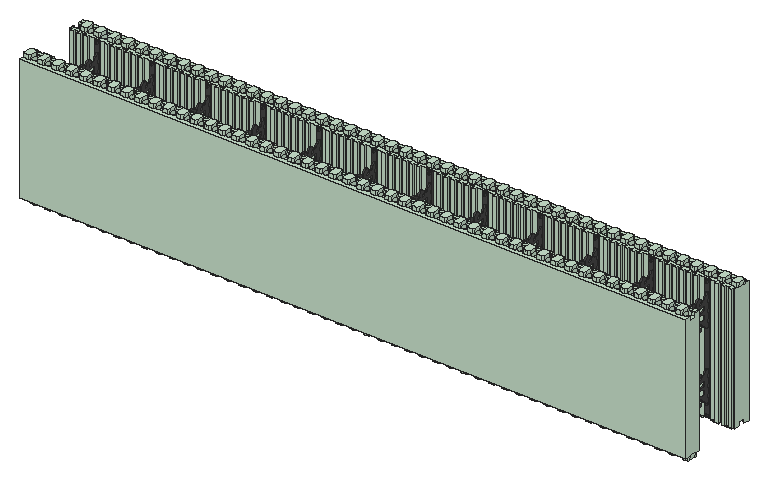
Revit family
Parameters (values of type "152 mm Standard Form Unit")
  URL = "www.nudura.com"
  Overall Form Thickness = 285.8 mm
  Model = "152 mm Standard Form Unit"
  Manufacturer = "NUDURA Corporation"
  Length = 2438.4 mm
  Concrete Core Thickness = 152.4 mm
Reference planes
  plane 1 "Center (Front/Back)": y = 0
  plane 2: z = 0
  plane 3 "Center (Left/Right)": x = 0
Forms (mm)
  Extrusion 1, solid, material "EPS- NUDURA- Foam Panel"
    sketch origin (0, 0.196, 0) x (1, 0, 0) y (0, 1, 0)
      loop
        line (7.142, 82.55) -> (5.558, 76.2) -> (19.842, 76.2) -> (18.258, 82.55) -> (32.542, 82.55) -> (30.958, 76.2) -> (45.242, 76.2) -> (43.658, 82.55) -> (57.942, 82.55) -> (56.358, 76.2) -> (70.642, 76.2) -> (69.058, 82.55) -> (134.142, 82.55) -> (132.558, 76.2) -> (146.842, 76.2) -> (145.258, 82.55) -> (159.542, 82.55) -> (157.958, 76.2) -> (172.242, 76.2) -> (170.658, 82.55) -> (184.942, 82.55) -> (183.358, 76.2) -> (197.642, 76.2) -> (196.058, 82.55) -> (210.342, 82.55) -> (208.758, 76.2) -> (223.042, 76.2) -> (221.458, 82.55) -> (235.742, 82.55) -> (234.158, 76.2) -> (248.442, 76.2) -> (246.858, 82.55) -> (261.142, 82.55) -> (259.558, 76.2) -> (273.842, 76.2) -> (272.258, 82.55) -> (337.342, 82.55) -> (335.758, 76.2) -> (350.042, 76.2) -> (348.458, 82.55) -> (362.742, 82.55) -> (361.158, 76.2) -> (375.442, 76.2) -> (373.858, 82.55) -> (388.142, 82.55) -> (386.558, 76.2) -> (400.842, 76.2) -> (399.258, 82.55) -> (413.542, 82.55) -> (411.958, 76.2) -> (426.242, 76.2) -> (424.658, 82.55) -> (438.942, 82.55) -> (437.358, 76.2) -> (451.642, 76.2) -> (450.058, 82.55) -> (464.342, 82.55) -> (462.758, 76.2) -> (477.042, 76.2) -> (475.458, 82.55) -> (540.542, 82.55) -> (538.958, 76.2) -> (553.242, 76.2) -> (551.658, 82.55) -> (565.942, 82.55) -> (564.358, 76.2) -> (578.642, 76.2) -> (577.058, 82.55) -> (591.342, 82.55) -> (589.758, 76.2) -> (604.042, 76.2) -> (602.458, 82.55) -> (616.742, 82.55) -> (615.158, 76.2) -> (629.442, 76.2) -> (627.858, 82.55) -> (642.142, 82.55) -> (640.558, 76.2) -> (654.842, 76.2) -> (653.258, 82.55) -> (667.542, 82.55) -> (665.958, 76.2) -> (680.242, 76.2) -> (678.658, 82.55) -> (743.742, 82.55) -> (742.158, 76.2) -> (756.442, 76.2) -> (754.858, 82.55) -> (769.142, 82.55) -> (767.558, 76.2) -> (781.842, 76.2) -> (780.258, 82.55) -> (794.542, 82.55) -> (792.958, 76.2) -> (807.242, 76.2) -> (805.658, 82.55) -> (819.942, 82.55) -> (818.358, 76.2) -> (832.642, 76.2) -> (831.058, 82.55) -> (845.342, 82.55) -> (843.758, 76.2) -> (858.042, 76.2) -> (856.458, 82.55) -> (870.742, 82.55) -> (869.158, 76.2) -> (883.442, 76.2) -> (881.858, 82.55) -> (946.942, 82.55) -> (945.358, 76.2) -> (959.642, 76.2) -> (958.058, 82.55) -> (972.342, 82.55) -> (970.758, 76.2) -> (985.042, 76.2) -> (983.458, 82.55) -> (997.742, 82.55) -> (996.158, 76.2) -> (1010.442, 76.2) -> (1008.858, 82.55) -> (1023.142, 82.55) -> (1021.558, 76.2) -> (1035.842, 76.2) -> (1034.258, 82.55) -> (1048.542, 82.55) -> (1046.958, 76.2) -> (1061.242, 76.2) -> (1059.658, 82.55) -> (1073.942, 82.55) -> (1072.358, 76.2) -> (1086.642, 76.2) -> (1085.058, 82.55) -> (1150.142, 82.55) -> (1148.558, 76.2) -> (1162.842, 76.2) -> (1161.258, 82.55) -> (1175.542, 82.55) -> (1173.958, 76.2) -> (1188.242, 76.2) -> (1186.658, 82.55) -> (1200.942, 82.55) -> (1199.358, 76.2) -> (1213.642, 76.2) -> (1212.058, 82.55) -> (1226.342, 82.55) -> (1224.758, 76.2) -> (1239.042, 76.2) -> (1237.458, 82.55) -> (1251.742, 82.55) -> (1250.158, 76.2) -> (1264.442, 76.2) -> (1262.858, 82.55) -> (1277.142, 82.55) -> (1275.558, 76.2) -> (1289.842, 76.2) -> (1288.258, 82.55) -> (1353.342, 82.55) -> (1351.758, 76.2) -> (1366.042, 76.2) -> (1364.458, 82.55) -> (1378.742, 82.55) -> (1377.158, 76.2) -> (1391.442, 76.2) -> (1389.858, 82.55) -> (1404.142, 82.55) -> (1402.558, 76.2) -> (1416.842, 76.2) -> (1415.258, 82.55) -> (1429.542, 82.55) -> (1427.958, 76.2) -> (1442.242, 76.2) -> (1440.658, 82.55) -> (1454.942, 82.55) -> (1453.358, 76.2) -> (1467.642, 76.2) -> (1466.058, 82.55) -> (1480.342, 82.55) -> (1478.758, 76.2) -> (1493.042, 76.2) -> (1491.458, 82.55) -> (1556.542, 82.55) -> (1554.958, 76.2) -> (1569.242, 76.2) -> (1567.658, 82.55) -> (1581.942, 82.55) -> (1580.358, 76.2) -> (1594.642, 76.2) -> (1593.058, 82.55) -> (1607.342, 82.55) -> (1605.758, 76.2) -> (1620.042, 76.2) -> (1618.458, 82.55) -> (1632.742, 82.55) -> (1631.158, 76.2) -> (1645.442, 76.2) -> (1643.858, 82.55) -> (1658.142, 82.55) -> (1656.558, 76.2) -> (1670.842, 76.2) -> (1669.258, 82.55) -> (1683.542, 82.55) -> (1681.958, 76.2) -> (1696.242, 76.2) -> (1694.658, 82.55) -> (1759.742, 82.55) -> (1758.158, 76.2) -> (1772.442, 76.2) -> (1770.858, 82.55) -> (1785.142, 82.55) -> (1783.558, 76.2) -> (1797.842, 76.2) -> (1796.258, 82.55) -> (1810.542, 82.55) -> (1808.958, 76.2) -> (1823.242, 76.2) -> (1821.658, 82.55) -> (1835.942, 82.55) -> (1834.358, 76.2) -> (1848.642, 76.2) -> (1847.058, 82.55) -> (1861.342, 82.55) -> (1859.758, 76.2) -> (1874.042, 76.2) -> (1872.458, 82.55) -> (1886.742, 82.55) -> (1885.158, 76.2) -> (1899.442, 76.2) -> (1897.858, 82.55) -> (1962.942, 82.55) -> (1961.358, 76.2) -> (1975.642, 76.2) -> (1974.058, 82.55) -> (1988.342, 82.55) -> (1986.758, 76.2) -> (2001.042, 76.2) -> (1999.458, 82.55) -> (2013.742, 82.55) -> (2012.158, 76.2) -> (2026.442, 76.2) -> (2024.858, 82.55) -> (2039.142, 82.55) -> (2037.558, 76.2) -> (2051.842, 76.2) -> (2050.258, 82.55) -> (2064.542, 82.55) -> (2062.958, 76.2) -> (2077.242, 76.2) -> (2075.658, 82.55) -> (2089.942, 82.55) -> (2088.358, 76.2) -> (2102.642, 76.2) -> (2101.058, 82.55) -> (2166.142, 82.55) -> (2164.558, 76.2) -> (2178.842, 76.2) -> (2177.258, 82.55) -> (2191.542, 82.55) -> (2189.958, 76.2) -> (2204.242, 76.2) -> (2202.658, 82.55) -> (2216.942, 82.55) -> (2215.358, 76.2) -> (2229.642, 76.2) -> (2228.058, 82.55) -> (2242.342, 82.55) -> (2240.758, 76.2) -> (2255.042, 76.2) -> (2253.458, 82.55) -> (2267.742, 82.55) -> (2266.158, 76.2) -> (2280.442, 76.2) -> (2278.858, 82.55) -> (2293.142, 82.55) -> (2291.558, 76.2) -> (2305.842, 76.2) -> (2304.258, 82.55) -> (2369.342, 82.55) -> (2367.758, 76.2) -> (2382.042, 76.2) -> (2380.458, 82.55) -> (2394.742, 82.55) -> (2393.158, 76.2) -> (2407.442, 76.2) -> (2405.858, 82.55) -> (2420.142, 82.55) -> (2418.558, 76.2) -> (2432.842, 76.2) -> (2431.258, 82.55) -> (2438.4, 82.55) -> (2438.4, 142.875) -> (0, 142.875) -> (0, 82.55) -> (7.142, 82.55)
      loop
        line (7.142, -82.55) -> (0, -82.55) -> (0, -142.875) -> (2438.4, -142.875) -> (2438.4, -82.55) -> (2431.258, -82.55) -> (2432.842, -76.2) -> (2418.558, -76.2) -> (2420.142, -82.55) -> (2405.858, -82.55) -> (2407.442, -76.2) -> (2393.158, -76.2) -> (2394.742, -82.55) -> (2380.458, -82.55) -> (2382.042, -76.2) -> (2367.758, -76.2) -> (2369.342, -82.55) -> (2304.258, -82.55) -> (2305.842, -76.2) -> (2291.558, -76.2) -> (2293.142, -82.55) -> (2278.858, -82.55) -> (2280.442, -76.2) -> (2266.158, -76.2) -> (2267.742, -82.55) -> (2253.458, -82.55) -> (2255.042, -76.2) -> (2240.758, -76.2) -> (2242.342, -82.55) -> (2228.058, -82.55) -> (2229.642, -76.2) -> (2215.358, -76.2) -> (2216.942, -82.55) -> (2202.658, -82.55) -> (2204.242, -76.2) -> (2189.958, -76.2) -> (2191.542, -82.55) -> (2177.258, -82.55) -> (2178.842, -76.2) -> (2164.558, -76.2) -> (2166.142, -82.55) -> (2101.058, -82.55) -> (2102.642, -76.2) -> (2088.358, -76.2) -> (2089.942, -82.55) -> (2075.658, -82.55) -> (2077.242, -76.2) -> (2062.958, -76.2) -> (2064.542, -82.55) -> (2050.258, -82.55) -> (2051.842, -76.2) -> (2037.558, -76.2) -> (2039.142, -82.55) -> (2024.858, -82.55) -> (2026.442, -76.2) -> (2012.158, -76.2) -> (2013.742, -82.55) -> (1999.458, -82.55) -> (2001.042, -76.2) -> (1986.758, -76.2) -> (1988.342, -82.55) -> (1974.058, -82.55) -> (1975.642, -76.2) -> (1961.358, -76.2) -> (1962.942, -82.55) -> (1897.858, -82.55) -> (1899.442, -76.2) -> (1885.158, -76.2) -> (1886.742, -82.55) -> (1872.458, -82.55) -> (1874.042, -76.2) -> (1859.758, -76.2) -> (1861.342, -82.55) -> (1847.058, -82.55) -> (1848.642, -76.2) -> (1834.358, -76.2) -> (1835.942, -82.55) -> (1821.658, -82.55) -> (1823.242, -76.2) -> (1808.958, -76.2) -> (1810.542, -82.55) -> (1796.258, -82.55) -> (1797.842, -76.2) -> (1783.558, -76.2) -> (1785.142, -82.55) -> (1770.858, -82.55) -> (1772.442, -76.2) -> (1758.158, -76.2) -> (1759.742, -82.55) -> (1694.658, -82.55) -> (1696.242, -76.2) -> (1681.958, -76.2) -> (1683.542, -82.55) -> (1669.258, -82.55) -> (1670.842, -76.2) -> (1656.558, -76.2) -> (1658.142, -82.55) -> (1643.858, -82.55) -> (1645.442, -76.2) -> (1631.158, -76.2) -> (1632.742, -82.55) -> (1618.458, -82.55) -> (1620.042, -76.2) -> (1605.758, -76.2) -> (1607.342, -82.55) -> (1593.058, -82.55) -> (1594.642, -76.2) -> (1580.358, -76.2) -> (1581.942, -82.55) -> (1567.658, -82.55) -> (1569.242, -76.2) -> (1554.958, -76.2) -> (1556.542, -82.55) -> (1491.458, -82.55) -> (1493.042, -76.2) -> (1478.758, -76.2) -> (1480.342, -82.55) -> (1466.058, -82.55) -> (1467.642, -76.2) -> (1453.358, -76.2) -> (1454.942, -82.55) -> (1440.658, -82.55) -> (1442.242, -76.2) -> (1427.958, -76.2) -> (1429.542, -82.55) -> (1415.258, -82.55) -> (1416.842, -76.2) -> (1402.558, -76.2) -> (1404.142, -82.55) -> (1389.858, -82.55) -> (1391.442, -76.2) -> (1377.158, -76.2) -> (1378.742, -82.55) -> (1364.458, -82.55) -> (1366.042, -76.2) -> (1351.758, -76.2) -> (1353.342, -82.55) -> (1288.258, -82.55) -> (1289.842, -76.2) -> (1275.558, -76.2) -> (1277.142, -82.55) -> (1262.858, -82.55) -> (1264.442, -76.2) -> (1250.158, -76.2) -> (1251.742, -82.55) -> (1237.458, -82.55) -> (1239.042, -76.2) -> (1224.758, -76.2) -> (1226.342, -82.55) -> (1212.058, -82.55) -> (1213.642, -76.2) -> (1199.358, -76.2) -> (1200.942, -82.55) -> (1186.658, -82.55) -> (1188.242, -76.2) -> (1173.958, -76.2) -> (1175.542, -82.55) -> (1161.258, -82.55) -> (1162.842, -76.2) -> (1148.558, -76.2) -> (1150.142, -82.55) -> (1085.058, -82.55) -> (1086.642, -76.2) -> (1072.358, -76.2) -> (1073.942, -82.55) -> (1059.658, -82.55) -> (1061.242, -76.2) -> (1046.958, -76.2) -> (1048.542, -82.55) -> (1034.258, -82.55) -> (1035.842, -76.2) -> (1021.558, -76.2) -> (1023.142, -82.55) -> (1008.858, -82.55) -> (1010.442, -76.2) -> (996.158, -76.2) -> (997.742, -82.55) -> (983.458, -82.55) -> (985.042, -76.2) -> (970.758, -76.2) -> (972.342, -82.55) -> (958.058, -82.55) -> (959.642, -76.2) -> (945.358, -76.2) -> (946.942, -82.55) -> (881.858, -82.55) -> (883.442, -76.2) -> (869.158, -76.2) -> (870.742, -82.55) -> (856.458, -82.55) -> (858.042, -76.2) -> (843.758, -76.2) -> (845.342, -82.55) -> (831.058, -82.55) -> (832.642, -76.2) -> (818.358, -76.2) -> (819.942, -82.55) -> (805.658, -82.55) -> (807.242, -76.2) -> (792.958, -76.2) -> (794.542, -82.55) -> (780.258, -82.55) -> (781.842, -76.2) -> (767.558, -76.2) -> (769.142, -82.55) -> (754.858, -82.55) -> (756.442, -76.2) -> (742.158, -76.2) -> (743.742, -82.55) -> (678.658, -82.55) -> (680.242, -76.2) -> (665.958, -76.2) -> (667.542, -82.55) -> (653.258, -82.55) -> (654.842, -76.2) -> (640.558, -76.2) -> (642.142, -82.55) -> (627.858, -82.55) -> (629.442, -76.2) -> (615.158, -76.2) -> (616.742, -82.55) -> (602.458, -82.55) -> (604.042, -76.2) -> (589.758, -76.2) -> (591.342, -82.55) -> (577.058, -82.55) -> (578.642, -76.2) -> (564.358, -76.2) -> (565.942, -82.55) -> (551.658, -82.55) -> (553.242, -76.2) -> (538.958, -76.2) -> (540.542, -82.55) -> (475.458, -82.55) -> (477.042, -76.2) -> (462.758, -76.2) -> (464.342, -82.55) -> (450.058, -82.55) -> (451.642, -76.2) -> (437.358, -76.2) -> (438.942, -82.55) -> (424.658, -82.55) -> (426.242, -76.2) -> (411.958, -76.2) -> (413.542, -82.55) -> (399.258, -82.55) -> (400.842, -76.2) -> (386.558, -76.2) -> (388.142, -82.55) -> (373.858, -82.55) -> (375.442, -76.2) -> (361.158, -76.2) -> (362.742, -82.55) -> (348.458, -82.55) -> (350.042, -76.2) -> (335.758, -76.2) -> (337.342, -82.55) -> (272.258, -82.55) -> (273.842, -76.2) -> (259.558, -76.2) -> (261.142, -82.55) -> (246.858, -82.55) -> (248.442, -76.2) -> (234.158, -76.2) -> (235.742, -82.55) -> (221.458, -82.55) -> (223.042, -76.2) -> (208.758, -76.2) -> (210.342, -82.55) -> (196.058, -82.55) -> (197.642, -76.2) -> (183.358, -76.2) -> (184.942, -82.55) -> (170.658, -82.55) -> (172.242, -76.2) -> (157.958, -76.2) -> (159.542, -82.55) -> (145.258, -82.55) -> (146.842, -76.2) -> (132.558, -76.2) -> (134.142, -82.55) -> (69.058, -82.55) -> (70.642, -76.2) -> (56.358, -76.2) -> (57.942, -82.55) -> (43.658, -82.55) -> (45.242, -76.2) -> (30.958, -76.2) -> (32.542, -82.55) -> (18.258, -82.55) -> (19.842, -76.2) -> (5.558, -76.2) -> (7.142, -82.55)
    from 0 to 457.2
  Extrusion 2, void
    sketch origin (0, 0.196, 0) x (1, 0, 0) y (0, 1, 0)
      loop
        arc (25.4, -124.411) -> (26.615, -128.147) -> (29.796, -130.453) r 6.35
        arc (29.796, -130.453) -> (38.1, -131.763) -> (46.404, -130.453) r 26.987
        arc (46.404, -130.453) -> (49.585, -128.147) -> (50.8, -124.411) r 6.35
        line (50.8, -124.411) -> (50.8, -101.014)
        arc (50.8, -101.014) -> (50.362, -98.696) -> (49.108, -96.698) r 6.35
        arc (49.108, -96.698) -> (48.795, -96.199) -> (48.685, -95.62) r 1.588
        line (48.685, -95.62) -> (48.685, -86.829) -> (44.346, -86.829) -> (44.346, -92.457)
        arc (44.346, -92.457) -> (43.786, -93.668) -> (42.5, -94.024) r 1.587
        arc (42.5, -94.024) -> (36.091, -93.737) -> (29.796, -94.972) r 26.988
        arc (29.796, -94.972) -> (26.615, -97.278) -> (25.4, -101.014) r 6.35
        line (25.4, -101.014) -> (25.4, -124.411)
    from 457.2 to 444.5
  Extrusion 3, void
    sketch origin (50.8, 0.196, 0) x (1, 0, 0) y (0, 1, 0)
      loop
        arc (25.4, -124.411) -> (26.615, -128.147) -> (29.796, -130.453) r 6.35
        arc (29.796, -130.453) -> (38.1, -131.763) -> (46.404, -130.453) r 26.987
        arc (46.404, -130.453) -> (49.585, -128.147) -> (50.8, -124.411) r 6.35
        line (50.8, -124.411) -> (50.8, -101.014)
        arc (50.8, -101.014) -> (50.362, -98.696) -> (49.108, -96.698) r 6.35
        arc (49.108, -96.698) -> (48.795, -96.199) -> (48.685, -95.62) r 1.588
        line (48.685, -95.62) -> (48.685, -86.829) -> (44.346, -86.829) -> (44.346, -92.457)
        arc (44.346, -92.457) -> (43.786, -93.668) -> (42.5, -94.024) r 1.587
        arc (42.5, -94.024) -> (36.091, -93.737) -> (29.796, -94.972) r 26.988
        arc (29.796, -94.972) -> (26.615, -97.278) -> (25.4, -101.014) r 6.35
        line (25.4, -101.014) -> (25.4, -124.411)
    from 457.2 to 444.5
  Extrusion 4, void
    sketch origin (101.6, 0.196, 0) x (1, 0, 0) y (0, 1, 0)
      loop
        arc (25.4, -124.411) -> (26.615, -128.147) -> (29.796, -130.453) r 6.35
        arc (29.796, -130.453) -> (38.1, -131.763) -> (46.404, -130.453) r 26.987
        arc (46.404, -130.453) -> (49.585, -128.147) -> (50.8, -124.411) r 6.35
        line (50.8, -124.411) -> (50.8, -101.014)
        arc (50.8, -101.014) -> (50.362, -98.696) -> (49.108, -96.698) r 6.35
        arc (49.108, -96.698) -> (48.795, -96.199) -> (48.685, -95.62) r 1.588
        line (48.685, -95.62) -> (48.685, -86.829) -> (44.346, -86.829) -> (44.346, -92.457)
        arc (44.346, -92.457) -> (43.786, -93.668) -> (42.5, -94.024) r 1.587
        arc (42.5, -94.024) -> (36.091, -93.737) -> (29.796, -94.972) r 26.988
        arc (29.796, -94.972) -> (26.615, -97.278) -> (25.4, -101.014) r 6.35
        line (25.4, -101.014) -> (25.4, -124.411)
    from 457.2 to 444.5
  Extrusion 5, void
    sketch origin (152.4, 0.196, 0) x (1, 0, 0) y (0, 1, 0)
      loop
        arc (25.4, -124.411) -> (26.615, -128.147) -> (29.796, -130.453) r 6.35
        arc (29.796, -130.453) -> (38.1, -131.763) -> (46.404, -130.453) r 26.987
        arc (46.404, -130.453) -> (49.585, -128.147) -> (50.8, -124.411) r 6.35
        line (50.8, -124.411) -> (50.8, -101.014)
        arc (50.8, -101.014) -> (50.362, -98.696) -> (49.108, -96.698) r 6.35
        arc (49.108, -96.698) -> (48.795, -96.199) -> (48.685, -95.62) r 1.588
        line (48.685, -95.62) -> (48.685, -86.829) -> (44.346, -86.829) -> (44.346, -92.457)
        arc (44.346, -92.457) -> (43.786, -93.668) -> (42.5, -94.024) r 1.587
        arc (42.5, -94.024) -> (36.091, -93.737) -> (29.796, -94.972) r 26.988
        arc (29.796, -94.972) -> (26.615, -97.278) -> (25.4, -101.014) r 6.35
        line (25.4, -101.014) -> (25.4, -124.411)
    from 457.2 to 444.5
  Extrusion 6, void
    sketch origin (203.2, 0.196, 0) x (1, 0, 0) y (0, 1, 0)
      loop
        arc (25.4, -124.411) -> (26.615, -128.147) -> (29.796, -130.453) r 6.35
        arc (29.796, -130.453) -> (38.1, -131.763) -> (46.404, -130.453) r 26.987
        arc (46.404, -130.453) -> (49.585, -128.147) -> (50.8, -124.411) r 6.35
        line (50.8, -124.411) -> (50.8, -101.014)
        arc (50.8, -101.014) -> (50.362, -98.696) -> (49.108, -96.698) r 6.35
        arc (49.108, -96.698) -> (48.795, -96.199) -> (48.685, -95.62) r 1.588
        line (48.685, -95.62) -> (48.685, -86.829) -> (44.346, -86.829) -> (44.346, -92.457)
        arc (44.346, -92.457) -> (43.786, -93.668) -> (42.5, -94.024) r 1.587
        arc (42.5, -94.024) -> (36.091, -93.737) -> (29.796, -94.972) r 26.988
        arc (29.796, -94.972) -> (26.615, -97.278) -> (25.4, -101.014) r 6.35
        line (25.4, -101.014) -> (25.4, -124.411)
    from 457.2 to 444.5
  Extrusion 7, void
    sketch origin (254, 0.196, 0) x (1, 0, 0) y (0, 1, 0)
      loop
        arc (25.4, -124.411) -> (26.615, -128.147) -> (29.796, -130.453) r 6.35
        arc (29.796, -130.453) -> (38.1, -131.763) -> (46.404, -130.453) r 26.987
        arc (46.404, -130.453) -> (49.585, -128.147) -> (50.8, -124.411) r 6.35
        line (50.8, -124.411) -> (50.8, -101.014)
        arc (50.8, -101.014) -> (50.362, -98.696) -> (49.108, -96.698) r 6.35
        arc (49.108, -96.698) -> (48.795, -96.199) -> (48.685, -95.62) r 1.588
        line (48.685, -95.62) -> (48.685, -86.829) -> (44.346, -86.829) -> (44.346, -92.457)
        arc (44.346, -92.457) -> (43.786, -93.668) -> (42.5, -94.024) r 1.587
        arc (42.5, -94.024) -> (36.091, -93.737) -> (29.796, -94.972) r 26.988
        arc (29.796, -94.972) -> (26.615, -97.278) -> (25.4, -101.014) r 6.35
        line (25.4, -101.014) -> (25.4, -124.411)
    from 457.2 to 444.5
  Extrusion 8, void
    sketch origin (304.8, 0.196, 0) x (1, 0, 0) y (0, 1, 0)
      loop
        arc (25.4, -124.411) -> (26.615, -128.147) -> (29.796, -130.453) r 6.35
        arc (29.796, -130.453) -> (38.1, -131.763) -> (46.404, -130.453) r 26.987
        arc (46.404, -130.453) -> (49.585, -128.147) -> (50.8, -124.411) r 6.35
        line (50.8, -124.411) -> (50.8, -101.014)
        arc (50.8, -101.014) -> (50.362, -98.696) -> (49.108, -96.698) r 6.35
        arc (49.108, -96.698) -> (48.795, -96.199) -> (48.685, -95.62) r 1.588
        line (48.685, -95.62) -> (48.685, -86.829) -> (44.346, -86.829) -> (44.346, -92.457)
        arc (44.346, -92.457) -> (43.786, -93.668) -> (42.5, -94.024) r 1.587
        arc (42.5, -94.024) -> (36.091, -93.737) -> (29.796, -94.972) r 26.988
        arc (29.796, -94.972) -> (26.615, -97.278) -> (25.4, -101.014) r 6.35
        line (25.4, -101.014) -> (25.4, -124.411)
    from 457.2 to 444.5
  Extrusion 9, void
    sketch origin (355.6, 0.196, 0) x (1, 0, 0) y (0, 1, 0)
      loop
        arc (25.4, -124.411) -> (26.615, -128.147) -> (29.796, -130.453) r 6.35
        arc (29.796, -130.453) -> (38.1, -131.763) -> (46.404, -130.453) r 26.987
        arc (46.404, -130.453) -> (49.585, -128.147) -> (50.8, -124.411) r 6.35
        line (50.8, -124.411) -> (50.8, -101.014)
        arc (50.8, -101.014) -> (50.362, -98.696) -> (49.108, -96.698) r 6.35
        arc (49.108, -96.698) -> (48.795, -96.199) -> (48.685, -95.62) r 1.588
        line (48.685, -95.62) -> (48.685, -86.829) -> (44.346, -86.829) -> (44.346, -92.457)
        arc (44.346, -92.457) -> (43.786, -93.668) -> (42.5, -94.024) r 1.587
        arc (42.5, -94.024) -> (36.091, -93.737) -> (29.796, -94.972) r 26.988
        arc (29.796, -94.972) -> (26.615, -97.278) -> (25.4, -101.014) r 6.35
        line (25.4, -101.014) -> (25.4, -124.411)
    from 457.2 to 444.5
  Extrusion 10, void
    sketch origin (406.4, 0.196, 0) x (1, 0, 0) y (0, 1, 0)
      loop
        arc (25.4, -124.411) -> (26.615, -128.147) -> (29.796, -130.453) r 6.35
        arc (29.796, -130.453) -> (38.1, -131.763) -> (46.404, -130.453) r 26.987
        arc (46.404, -130.453) -> (49.585, -128.147) -> (50.8, -124.411) r 6.35
        line (50.8, -124.411) -> (50.8, -101.014)
        arc (50.8, -101.014) -> (50.362, -98.696) -> (49.108, -96.698) r 6.35
        arc (49.108, -96.698) -> (48.795, -96.199) -> (48.685, -95.62) r 1.588
        line (48.685, -95.62) -> (48.685, -86.829) -> (44.346, -86.829) -> (44.346, -92.457)
        arc (44.346, -92.457) -> (43.786, -93.668) -> (42.5, -94.024) r 1.587
        arc (42.5, -94.024) -> (36.091, -93.737) -> (29.796, -94.972) r 26.988
        arc (29.796, -94.972) -> (26.615, -97.278) -> (25.4, -101.014) r 6.35
        line (25.4, -101.014) -> (25.4, -124.411)
    from 457.2 to 444.5
  Extrusion 11, void
    sketch origin (457.2, 0.196, 0) x (1, 0, 0) y (0, 1, 0)
      loop
        arc (25.4, -124.411) -> (26.615, -128.147) -> (29.796, -130.453) r 6.35
        arc (29.796, -130.453) -> (38.1, -131.763) -> (46.404, -130.453) r 26.987
        arc (46.404, -130.453) -> (49.585, -128.147) -> (50.8, -124.411) r 6.35
        line (50.8, -124.411) -> (50.8, -101.014)
        arc (50.8, -101.014) -> (50.362, -98.696) -> (49.108, -96.698) r 6.35
        arc (49.108, -96.698) -> (48.795, -96.199) -> (48.685, -95.62) r 1.588
        line (48.685, -95.62) -> (48.685, -86.829) -> (44.346, -86.829) -> (44.346, -92.457)
        arc (44.346, -92.457) -> (43.786, -93.668) -> (42.5, -94.024) r 1.587
        arc (42.5, -94.024) -> (36.091, -93.737) -> (29.796, -94.972) r 26.988
        arc (29.796, -94.972) -> (26.615, -97.278) -> (25.4, -101.014) r 6.35
        line (25.4, -101.014) -> (25.4, -124.411)
    from 457.2 to 444.5
  Extrusion 12, void
    sketch origin (508, 0.196, 0) x (1, 0, 0) y (0, 1, 0)
      loop
        arc (25.4, -124.411) -> (26.615, -128.147) -> (29.796, -130.453) r 6.35
        arc (29.796, -130.453) -> (38.1, -131.763) -> (46.404, -130.453) r 26.987
        arc (46.404, -130.453) -> (49.585, -128.147) -> (50.8, -124.411) r 6.35
        line (50.8, -124.411) -> (50.8, -101.014)
        arc (50.8, -101.014) -> (50.362, -98.696) -> (49.108, -96.698) r 6.35
        arc (49.108, -96.698) -> (48.795, -96.199) -> (48.685, -95.62) r 1.588
        line (48.685, -95.62) -> (48.685, -86.829) -> (44.346, -86.829) -> (44.346, -92.457)
        arc (44.346, -92.457) -> (43.786, -93.668) -> (42.5, -94.024) r 1.587
        arc (42.5, -94.024) -> (36.091, -93.737) -> (29.796, -94.972) r 26.988
        arc (29.796, -94.972) -> (26.615, -97.278) -> (25.4, -101.014) r 6.35
        line (25.4, -101.014) -> (25.4, -124.411)
    from 457.2 to 444.5
  Extrusion 13, void
    sketch origin (558.8, 0.196, 0) x (1, 0, 0) y (0, 1, 0)
      loop
        arc (25.4, -124.411) -> (26.615, -128.147) -> (29.796, -130.453) r 6.35
        arc (29.796, -130.453) -> (38.1, -131.763) -> (46.404, -130.453) r 26.987
        arc (46.404, -130.453) -> (49.585, -128.147) -> (50.8, -124.411) r 6.35
        line (50.8, -124.411) -> (50.8, -101.014)
        arc (50.8, -101.014) -> (50.362, -98.696) -> (49.108, -96.698) r 6.35
        arc (49.108, -96.698) -> (48.795, -96.199) -> (48.685, -95.62) r 1.588
        line (48.685, -95.62) -> (48.685, -86.829) -> (44.346, -86.829) -> (44.346, -92.457)
        arc (44.346, -92.457) -> (43.786, -93.668) -> (42.5, -94.024) r 1.587
        arc (42.5, -94.024) -> (36.091, -93.737) -> (29.796, -94.972) r 26.988
        arc (29.796, -94.972) -> (26.615, -97.278) -> (25.4, -101.014) r 6.35
        line (25.4, -101.014) -> (25.4, -124.411)
    from 457.2 to 444.5
  Extrusion 14, void
    sketch origin (609.6, 0.196, 0) x (1, 0, 0) y (0, 1, 0)
      loop
        arc (25.4, -124.411) -> (26.615, -128.147) -> (29.796, -130.453) r 6.35
        arc (29.796, -130.453) -> (38.1, -131.763) -> (46.404, -130.453) r 26.987
        arc (46.404, -130.453) -> (49.585, -128.147) -> (50.8, -124.411) r 6.35
        line (50.8, -124.411) -> (50.8, -101.014)
        arc (50.8, -101.014) -> (50.362, -98.696) -> (49.108, -96.698) r 6.35
        arc (49.108, -96.698) -> (48.795, -96.199) -> (48.685, -95.62) r 1.588
        line (48.685, -95.62) -> (48.685, -86.829) -> (44.346, -86.829) -> (44.346, -92.457)
        arc (44.346, -92.457) -> (43.786, -93.668) -> (42.5, -94.024) r 1.587
        arc (42.5, -94.024) -> (36.091, -93.737) -> (29.796, -94.972) r 26.988
        arc (29.796, -94.972) -> (26.615, -97.278) -> (25.4, -101.014) r 6.35
        line (25.4, -101.014) -> (25.4, -124.411)
    from 457.2 to 444.5
  Extrusion 15, void
    sketch origin (660.4, 0.196, 0) x (1, 0, 0) y (0, 1, 0)
      loop
        arc (25.4, -124.411) -> (26.615, -128.147) -> (29.796, -130.453) r 6.35
        arc (29.796, -130.453) -> (38.1, -131.763) -> (46.404, -130.453) r 26.987
        arc (46.404, -130.453) -> (49.585, -128.147) -> (50.8, -124.411) r 6.35
        line (50.8, -124.411) -> (50.8, -101.014)
        arc (50.8, -101.014) -> (50.362, -98.696) -> (49.108, -96.698) r 6.35
        arc (49.108, -96.698) -> (48.795, -96.199) -> (48.685, -95.62) r 1.588
        line (48.685, -95.62) -> (48.685, -86.829) -> (44.346, -86.829) -> (44.346, -92.457)
        arc (44.346, -92.457) -> (43.786, -93.668) -> (42.5, -94.024) r 1.587
        arc (42.5, -94.024) -> (36.091, -93.737) -> (29.796, -94.972) r 26.988
        arc (29.796, -94.972) -> (26.615, -97.278) -> (25.4, -101.014) r 6.35
        line (25.4, -101.014) -> (25.4, -124.411)
    from 457.2 to 444.5
  Extrusion 16, void
    sketch origin (711.2, 0.196, 0) x (1, 0, 0) y (0, 1, 0)
      loop
        arc (25.4, -124.411) -> (26.615, -128.147) -> (29.796, -130.453) r 6.35
        arc (29.796, -130.453) -> (38.1, -131.763) -> (46.404, -130.453) r 26.987
        arc (46.404, -130.453) -> (49.585, -128.147) -> (50.8, -124.411) r 6.35
        line (50.8, -124.411) -> (50.8, -101.014)
        arc (50.8, -101.014) -> (50.362, -98.696) -> (49.108, -96.698) r 6.35
        arc (49.108, -96.698) -> (48.795, -96.199) -> (48.685, -95.62) r 1.588
        line (48.685, -95.62) -> (48.685, -86.829) -> (44.346, -86.829) -> (44.346, -92.457)
        arc (44.346, -92.457) -> (43.786, -93.668) -> (42.5, -94.024) r 1.587
        arc (42.5, -94.024) -> (36.091, -93.737) -> (29.796, -94.972) r 26.988
        arc (29.796, -94.972) -> (26.615, -97.278) -> (25.4, -101.014) r 6.35
        line (25.4, -101.014) -> (25.4, -124.411)
    from 457.2 to 444.5
  Extrusion 17, void
    sketch origin (762, 0.196, 0) x (1, 0, 0) y (0, 1, 0)
      loop
        arc (25.4, -124.411) -> (26.615, -128.147) -> (29.796, -130.453) r 6.35
        arc (29.796, -130.453) -> (38.1, -131.763) -> (46.404, -130.453) r 26.987
        arc (46.404, -130.453) -> (49.585, -128.147) -> (50.8, -124.411) r 6.35
        line (50.8, -124.411) -> (50.8, -101.014)
        arc (50.8, -101.014) -> (50.362, -98.696) -> (49.108, -96.698) r 6.35
        arc (49.108, -96.698) -> (48.795, -96.199) -> (48.685, -95.62) r 1.588
        line (48.685, -95.62) -> (48.685, -86.829) -> (44.346, -86.829) -> (44.346, -92.457)
        arc (44.346, -92.457) -> (43.786, -93.668) -> (42.5, -94.024) r 1.587
        arc (42.5, -94.024) -> (36.091, -93.737) -> (29.796, -94.972) r 26.988
        arc (29.796, -94.972) -> (26.615, -97.278) -> (25.4, -101.014) r 6.35
        line (25.4, -101.014) -> (25.4, -124.411)
    from 457.2 to 444.5
  Extrusion 18, void
    sketch origin (812.8, 0.196, 0) x (1, 0, 0) y (0, 1, 0)
      loop
        arc (25.4, -124.411) -> (26.615, -128.147) -> (29.796, -130.453) r 6.35
        arc (29.796, -130.453) -> (38.1, -131.763) -> (46.404, -130.453) r 26.987
        arc (46.404, -130.453) -> (49.585, -128.147) -> (50.8, -124.411) r 6.35
        line (50.8, -124.411) -> (50.8, -101.014)
        arc (50.8, -101.014) -> (50.362, -98.696) -> (49.108, -96.698) r 6.35
        arc (49.108, -96.698) -> (48.795, -96.199) -> (48.685, -95.62) r 1.588
        line (48.685, -95.62) -> (48.685, -86.829) -> (44.346, -86.829) -> (44.346, -92.457)
        arc (44.346, -92.457) -> (43.786, -93.668) -> (42.5, -94.024) r 1.587
        arc (42.5, -94.024) -> (36.091, -93.737) -> (29.796, -94.972) r 26.988
        arc (29.796, -94.972) -> (26.615, -97.278) -> (25.4, -101.014) r 6.35
        line (25.4, -101.014) -> (25.4, -124.411)
    from 457.2 to 444.5
  Extrusion 19, void
    sketch origin (863.6, 0.196, 0) x (1, 0, 0) y (0, 1, 0)
      loop
        arc (25.4, -124.411) -> (26.615, -128.147) -> (29.796, -130.453) r 6.35
        arc (29.796, -130.453) -> (38.1, -131.763) -> (46.404, -130.453) r 26.987
        arc (46.404, -130.453) -> (49.585, -128.147) -> (50.8, -124.411) r 6.35
        line (50.8, -124.411) -> (50.8, -101.014)
        arc (50.8, -101.014) -> (50.362, -98.696) -> (49.108, -96.698) r 6.35
        arc (49.108, -96.698) -> (48.795, -96.199) -> (48.685, -95.62) r 1.588
        line (48.685, -95.62) -> (48.685, -86.829) -> (44.346, -86.829) -> (44.346, -92.457)
        arc (44.346, -92.457) -> (43.786, -93.668) -> (42.5, -94.024) r 1.587
        arc (42.5, -94.024) -> (36.091, -93.737) -> (29.796, -94.972) r 26.988
        arc (29.796, -94.972) -> (26.615, -97.278) -> (25.4, -101.014) r 6.35
        line (25.4, -101.014) -> (25.4, -124.411)
    from 457.2 to 444.5
  Extrusion 20, void
    sketch origin (914.4, 0.196, 0) x (1, 0, 0) y (0, 1, 0)
      loop
        arc (25.4, -124.411) -> (26.615, -128.147) -> (29.796, -130.453) r 6.35
        arc (29.796, -130.453) -> (38.1, -131.763) -> (46.404, -130.453) r 26.987
        arc (46.404, -130.453) -> (49.585, -128.147) -> (50.8, -124.411) r 6.35
        line (50.8, -124.411) -> (50.8, -101.014)
        arc (50.8, -101.014) -> (50.362, -98.696) -> (49.108, -96.698) r 6.35
        arc (49.108, -96.698) -> (48.795, -96.199) -> (48.685, -95.62) r 1.588
        line (48.685, -95.62) -> (48.685, -86.829) -> (44.346, -86.829) -> (44.346, -92.457)
        arc (44.346, -92.457) -> (43.786, -93.668) -> (42.5, -94.024) r 1.587
        arc (42.5, -94.024) -> (36.091, -93.737) -> (29.796, -94.972) r 26.988
        arc (29.796, -94.972) -> (26.615, -97.278) -> (25.4, -101.014) r 6.35
        line (25.4, -101.014) -> (25.4, -124.411)
    from 457.2 to 444.5
  Extrusion 21, void
    sketch origin (965.2, 0.196, 0) x (1, 0, 0) y (0, 1, 0)
      loop
        arc (25.4, -124.411) -> (26.615, -128.147) -> (29.796, -130.453) r 6.35
        arc (29.796, -130.453) -> (38.1, -131.763) -> (46.404, -130.453) r 26.987
        arc (46.404, -130.453) -> (49.585, -128.147) -> (50.8, -124.411) r 6.35
        line (50.8, -124.411) -> (50.8, -101.014)
        arc (50.8, -101.014) -> (50.362, -98.696) -> (49.108, -96.698) r 6.35
        arc (49.108, -96.698) -> (48.795, -96.199) -> (48.685, -95.62) r 1.588
        line (48.685, -95.62) -> (48.685, -86.829) -> (44.346, -86.829) -> (44.346, -92.457)
        arc (44.346, -92.457) -> (43.786, -93.668) -> (42.5, -94.024) r 1.587
        arc (42.5, -94.024) -> (36.091, -93.737) -> (29.796, -94.972) r 26.988
        arc (29.796, -94.972) -> (26.615, -97.278) -> (25.4, -101.014) r 6.35
        line (25.4, -101.014) -> (25.4, -124.411)
    from 457.2 to 444.5
  Extrusion 22, void
    sketch origin (1016, 0.196, 0) x (1, 0, 0) y (0, 1, 0)
      loop
        arc (25.4, -124.411) -> (26.615, -128.147) -> (29.796, -130.453) r 6.35
        arc (29.796, -130.453) -> (38.1, -131.763) -> (46.404, -130.453) r 26.987
        arc (46.404, -130.453) -> (49.585, -128.147) -> (50.8, -124.411) r 6.35
        line (50.8, -124.411) -> (50.8, -101.014)
        arc (50.8, -101.014) -> (50.362, -98.696) -> (49.108, -96.698) r 6.35
        arc (49.108, -96.698) -> (48.795, -96.199) -> (48.685, -95.62) r 1.588
        line (48.685, -95.62) -> (48.685, -86.829) -> (44.346, -86.829) -> (44.346, -92.457)
        arc (44.346, -92.457) -> (43.786, -93.668) -> (42.5, -94.024) r 1.587
        arc (42.5, -94.024) -> (36.091, -93.737) -> (29.796, -94.972) r 26.988
        arc (29.796, -94.972) -> (26.615, -97.278) -> (25.4, -101.014) r 6.35
        line (25.4, -101.014) -> (25.4, -124.411)
    from 457.2 to 444.5
  Extrusion 23, void
    sketch origin (1066.8, 0.196, 0) x (1, 0, 0) y (0, 1, 0)
      loop
        arc (25.4, -124.411) -> (26.615, -128.147) -> (29.796, -130.453) r 6.35
        arc (29.796, -130.453) -> (38.1, -131.763) -> (46.404, -130.453) r 26.987
        arc (46.404, -130.453) -> (49.585, -128.147) -> (50.8, -124.411) r 6.35
        line (50.8, -124.411) -> (50.8, -101.014)
        arc (50.8, -101.014) -> (50.362, -98.696) -> (49.108, -96.698) r 6.35
        arc (49.108, -96.698) -> (48.795, -96.199) -> (48.685, -95.62) r 1.588
        line (48.685, -95.62) -> (48.685, -86.829) -> (44.346, -86.829) -> (44.346, -92.457)
        arc (44.346, -92.457) -> (43.786, -93.668) -> (42.5, -94.024) r 1.587
        arc (42.5, -94.024) -> (36.091, -93.737) -> (29.796, -94.972) r 26.988
        arc (29.796, -94.972) -> (26.615, -97.278) -> (25.4, -101.014) r 6.35
        line (25.4, -101.014) -> (25.4, -124.411)
    from 457.2 to 444.5
  Extrusion 24, void
    sketch origin (1117.6, 0.196, 0) x (1, 0, 0) y (0, 1, 0)
      loop
        arc (25.4, -124.411) -> (26.615, -128.147) -> (29.796, -130.453) r 6.35
        arc (29.796, -130.453) -> (38.1, -131.763) -> (46.404, -130.453) r 26.987
        arc (46.404, -130.453) -> (49.585, -128.147) -> (50.8, -124.411) r 6.35
        line (50.8, -124.411) -> (50.8, -101.014)
        arc (50.8, -101.014) -> (50.362, -98.696) -> (49.108, -96.698) r 6.35
        arc (49.108, -96.698) -> (48.795, -96.199) -> (48.685, -95.62) r 1.588
        line (48.685, -95.62) -> (48.685, -86.829) -> (44.346, -86.829) -> (44.346, -92.457)
        arc (44.346, -92.457) -> (43.786, -93.668) -> (42.5, -94.024) r 1.587
        arc (42.5, -94.024) -> (36.091, -93.737) -> (29.796, -94.972) r 26.988
        arc (29.796, -94.972) -> (26.615, -97.278) -> (25.4, -101.014) r 6.35
        line (25.4, -101.014) -> (25.4, -124.411)
    from 457.2 to 444.5
  Extrusion 25, void
    sketch origin (1168.4, 0.196, 0) x (1, 0, 0) y (0, 1, 0)
      loop
        arc (25.4, -124.411) -> (26.615, -128.147) -> (29.796, -130.453) r 6.35
        arc (29.796, -130.453) -> (38.1, -131.763) -> (46.404, -130.453) r 26.987
        arc (46.404, -130.453) -> (49.585, -128.147) -> (50.8, -124.411) r 6.35
        line (50.8, -124.411) -> (50.8, -101.014)
        arc (50.8, -101.014) -> (50.362, -98.696) -> (49.108, -96.698) r 6.35
        arc (49.108, -96.698) -> (48.795, -96.199) -> (48.685, -95.62) r 1.588
        line (48.685, -95.62) -> (48.685, -86.829) -> (44.346, -86.829) -> (44.346, -92.457)
        arc (44.346, -92.457) -> (43.786, -93.668) -> (42.5, -94.024) r 1.587
        arc (42.5, -94.024) -> (36.091, -93.737) -> (29.796, -94.972) r 26.988
        arc (29.796, -94.972) -> (26.615, -97.278) -> (25.4, -101.014) r 6.35
        line (25.4, -101.014) -> (25.4, -124.411)
    from 457.2 to 444.5
  Extrusion 26, void
    sketch origin (1219.2, 0.196, 0) x (1, 0, 0) y (0, 1, 0)
      loop
        arc (25.4, -124.411) -> (26.615, -128.147) -> (29.796, -130.453) r 6.35
        arc (29.796, -130.453) -> (38.1, -131.763) -> (46.404, -130.453) r 26.987
        arc (46.404, -130.453) -> (49.585, -128.147) -> (50.8, -124.411) r 6.35
        line (50.8, -124.411) -> (50.8, -101.014)
        arc (50.8, -101.014) -> (50.362, -98.696) -> (49.108, -96.698) r 6.35
        arc (49.108, -96.698) -> (48.795, -96.199) -> (48.685, -95.62) r 1.588
        line (48.685, -95.62) -> (48.685, -86.829) -> (44.346, -86.829) -> (44.346, -92.457)
        arc (44.346, -92.457) -> (43.786, -93.668) -> (42.5, -94.024) r 1.587
        arc (42.5, -94.024) -> (36.091, -93.737) -> (29.796, -94.972) r 26.988
        arc (29.796, -94.972) -> (26.615, -97.278) -> (25.4, -101.014) r 6.35
        line (25.4, -101.014) -> (25.4, -124.411)
    from 457.2 to 444.5
  Extrusion 27, void
    sketch origin (1270, 0.196, 0) x (1, 0, 0) y (0, 1, 0)
      loop
        arc (25.4, -124.411) -> (26.615, -128.147) -> (29.796, -130.453) r 6.35
        arc (29.796, -130.453) -> (38.1, -131.763) -> (46.404, -130.453) r 26.987
        arc (46.404, -130.453) -> (49.585, -128.147) -> (50.8, -124.411) r 6.35
        line (50.8, -124.411) -> (50.8, -101.014)
        arc (50.8, -101.014) -> (50.362, -98.696) -> (49.108, -96.698) r 6.35
        arc (49.108, -96.698) -> (48.795, -96.199) -> (48.685, -95.62) r 1.588
        line (48.685, -95.62) -> (48.685, -86.829) -> (44.346, -86.829) -> (44.346, -92.457)
        arc (44.346, -92.457) -> (43.786, -93.668) -> (42.5, -94.024) r 1.587
        arc (42.5, -94.024) -> (36.091, -93.737) -> (29.796, -94.972) r 26.988
        arc (29.796, -94.972) -> (26.615, -97.278) -> (25.4, -101.014) r 6.35
        line (25.4, -101.014) -> (25.4, -124.411)
    from 457.2 to 444.5
  Extrusion 28, void
    sketch origin (1320.8, 0.196, 0) x (1, 0, 0) y (0, 1, 0)
      loop
        arc (25.4, -124.411) -> (26.615, -128.147) -> (29.796, -130.453) r 6.35
        arc (29.796, -130.453) -> (38.1, -131.763) -> (46.404, -130.453) r 26.987
        arc (46.404, -130.453) -> (49.585, -128.147) -> (50.8, -124.411) r 6.35
        line (50.8, -124.411) -> (50.8, -101.014)
        arc (50.8, -101.014) -> (50.362, -98.696) -> (49.108, -96.698) r 6.35
        arc (49.108, -96.698) -> (48.795, -96.199) -> (48.685, -95.62) r 1.588
        line (48.685, -95.62) -> (48.685, -86.829) -> (44.346, -86.829) -> (44.346, -92.457)
        arc (44.346, -92.457) -> (43.786, -93.668) -> (42.5, -94.024) r 1.587
        arc (42.5, -94.024) -> (36.091, -93.737) -> (29.796, -94.972) r 26.988
        arc (29.796, -94.972) -> (26.615, -97.278) -> (25.4, -101.014) r 6.35
        line (25.4, -101.014) -> (25.4, -124.411)
    from 457.2 to 444.5
  Extrusion 29, void
    sketch origin (1371.6, 0.196, 0) x (1, 0, 0) y (0, 1, 0)
      loop
        arc (25.4, -124.411) -> (26.615, -128.147) -> (29.796, -130.453) r 6.35
        arc (29.796, -130.453) -> (38.1, -131.763) -> (46.404, -130.453) r 26.987
        arc (46.404, -130.453) -> (49.585, -128.147) -> (50.8, -124.411) r 6.35
        line (50.8, -124.411) -> (50.8, -101.014)
        arc (50.8, -101.014) -> (50.362, -98.696) -> (49.108, -96.698) r 6.35
        arc (49.108, -96.698) -> (48.795, -96.199) -> (48.685, -95.62) r 1.588
        line (48.685, -95.62) -> (48.685, -86.829) -> (44.346, -86.829) -> (44.346, -92.457)
        arc (44.346, -92.457) -> (43.786, -93.668) -> (42.5, -94.024) r 1.587
        arc (42.5, -94.024) -> (36.091, -93.737) -> (29.796, -94.972) r 26.988
        arc (29.796, -94.972) -> (26.615, -97.278) -> (25.4, -101.014) r 6.35
        line (25.4, -101.014) -> (25.4, -124.411)
    from 457.2 to 444.5
  Extrusion 30, void
    sketch origin (1422.4, 0.196, 0) x (1, 0, 0) y (0, 1, 0)
      loop
        arc (25.4, -124.411) -> (26.615, -128.147) -> (29.796, -130.453) r 6.35
        arc (29.796, -130.453) -> (38.1, -131.763) -> (46.404, -130.453) r 26.987
        arc (46.404, -130.453) -> (49.585, -128.147) -> (50.8, -124.411) r 6.35
        line (50.8, -124.411) -> (50.8, -101.014)
        arc (50.8, -101.014) -> (50.362, -98.696) -> (49.108, -96.698) r 6.35
        arc (49.108, -96.698) -> (48.795, -96.199) -> (48.685, -95.62) r 1.588
        line (48.685, -95.62) -> (48.685, -86.829) -> (44.346, -86.829) -> (44.346, -92.457)
        arc (44.346, -92.457) -> (43.786, -93.668) -> (42.5, -94.024) r 1.587
        arc (42.5, -94.024) -> (36.091, -93.737) -> (29.796, -94.972) r 26.988
        arc (29.796, -94.972) -> (26.615, -97.278) -> (25.4, -101.014) r 6.35
        line (25.4, -101.014) -> (25.4, -124.411)
    from 457.2 to 444.5
  Extrusion 31, void
    sketch origin (1473.2, 0.196, 0) x (1, 0, 0) y (0, 1, 0)
      loop
        arc (25.4, -124.411) -> (26.615, -128.147) -> (29.796, -130.453) r 6.35
        arc (29.796, -130.453) -> (38.1, -131.763) -> (46.404, -130.453) r 26.987
        arc (46.404, -130.453) -> (49.585, -128.147) -> (50.8, -124.411) r 6.35
        line (50.8, -124.411) -> (50.8, -101.014)
        arc (50.8, -101.014) -> (50.362, -98.696) -> (49.108, -96.698) r 6.35
        arc (49.108, -96.698) -> (48.795, -96.199) -> (48.685, -95.62) r 1.588
        line (48.685, -95.62) -> (48.685, -86.829) -> (44.346, -86.829) -> (44.346, -92.457)
        arc (44.346, -92.457) -> (43.786, -93.668) -> (42.5, -94.024) r 1.587
        arc (42.5, -94.024) -> (36.091, -93.737) -> (29.796, -94.972) r 26.988
        arc (29.796, -94.972) -> (26.615, -97.278) -> (25.4, -101.014) r 6.35
        line (25.4, -101.014) -> (25.4, -124.411)
    from 457.2 to 444.5
  Extrusion 32, void
    sketch origin (1524, 0.196, 0) x (1, 0, 0) y (0, 1, 0)
      loop
        arc (25.4, -124.411) -> (26.615, -128.147) -> (29.796, -130.453) r 6.35
        arc (29.796, -130.453) -> (38.1, -131.763) -> (46.404, -130.453) r 26.987
        arc (46.404, -130.453) -> (49.585, -128.147) -> (50.8, -124.411) r 6.35
        line (50.8, -124.411) -> (50.8, -101.014)
        arc (50.8, -101.014) -> (50.362, -98.696) -> (49.108, -96.698) r 6.35
        arc (49.108, -96.698) -> (48.795, -96.199) -> (48.685, -95.62) r 1.588
        line (48.685, -95.62) -> (48.685, -86.829) -> (44.346, -86.829) -> (44.346, -92.457)
        arc (44.346, -92.457) -> (43.786, -93.668) -> (42.5, -94.024) r 1.587
        arc (42.5, -94.024) -> (36.091, -93.737) -> (29.796, -94.972) r 26.988
        arc (29.796, -94.972) -> (26.615, -97.278) -> (25.4, -101.014) r 6.35
        line (25.4, -101.014) -> (25.4, -124.411)
    from 457.2 to 444.5
  Extrusion 33, void
    sketch origin (1574.8, 0.196, 0) x (1, 0, 0) y (0, 1, 0)
      loop
        arc (25.4, -124.411) -> (26.615, -128.147) -> (29.796, -130.453) r 6.35
        arc (29.796, -130.453) -> (38.1, -131.763) -> (46.404, -130.453) r 26.987
        arc (46.404, -130.453) -> (49.585, -128.147) -> (50.8, -124.411) r 6.35
        line (50.8, -124.411) -> (50.8, -101.014)
        arc (50.8, -101.014) -> (50.362, -98.696) -> (49.108, -96.698) r 6.35
        arc (49.108, -96.698) -> (48.795, -96.199) -> (48.685, -95.62) r 1.588
        line (48.685, -95.62) -> (48.685, -86.829) -> (44.346, -86.829) -> (44.346, -92.457)
        arc (44.346, -92.457) -> (43.786, -93.668) -> (42.5, -94.024) r 1.587
        arc (42.5, -94.024) -> (36.091, -93.737) -> (29.796, -94.972) r 26.988
        arc (29.796, -94.972) -> (26.615, -97.278) -> (25.4, -101.014) r 6.35
        line (25.4, -101.014) -> (25.4, -124.411)
    from 457.2 to 444.5
  Extrusion 34, void
    sketch origin (1625.6, 0.196, 0) x (1, 0, 0) y (0, 1, 0)
      loop
        arc (25.4, -124.411) -> (26.615, -128.147) -> (29.796, -130.453) r 6.35
        arc (29.796, -130.453) -> (38.1, -131.763) -> (46.404, -130.453) r 26.987
        arc (46.404, -130.453) -> (49.585, -128.147) -> (50.8, -124.411) r 6.35
        line (50.8, -124.411) -> (50.8, -101.014)
        arc (50.8, -101.014) -> (50.362, -98.696) -> (49.108, -96.698) r 6.35
        arc (49.108, -96.698) -> (48.795, -96.199) -> (48.685, -95.62) r 1.588
        line (48.685, -95.62) -> (48.685, -86.829) -> (44.346, -86.829) -> (44.346, -92.457)
        arc (44.346, -92.457) -> (43.786, -93.668) -> (42.5, -94.024) r 1.587
        arc (42.5, -94.024) -> (36.091, -93.737) -> (29.796, -94.972) r 26.988
        arc (29.796, -94.972) -> (26.615, -97.278) -> (25.4, -101.014) r 6.35
        line (25.4, -101.014) -> (25.4, -124.411)
    from 457.2 to 444.5
  Extrusion 35, void
    sketch origin (1676.4, 0.196, 0) x (1, 0, 0) y (0, 1, 0)
      loop
        arc (25.4, -124.411) -> (26.615, -128.147) -> (29.796, -130.453) r 6.35
        arc (29.796, -130.453) -> (38.1, -131.763) -> (46.404, -130.453) r 26.987
        arc (46.404, -130.453) -> (49.585, -128.147) -> (50.8, -124.411) r 6.35
        line (50.8, -124.411) -> (50.8, -101.014)
        arc (50.8, -101.014) -> (50.362, -98.696) -> (49.108, -96.698) r 6.35
        arc (49.108, -96.698) -> (48.795, -96.199) -> (48.685, -95.62) r 1.588
        line (48.685, -95.62) -> (48.685, -86.829) -> (44.346, -86.829) -> (44.346, -92.457)
        arc (44.346, -92.457) -> (43.786, -93.668) -> (42.5, -94.024) r 1.587
        arc (42.5, -94.024) -> (36.091, -93.737) -> (29.796, -94.972) r 26.988
        arc (29.796, -94.972) -> (26.615, -97.278) -> (25.4, -101.014) r 6.35
        line (25.4, -101.014) -> (25.4, -124.411)
    from 457.2 to 444.5
  Extrusion 36, void
    sketch origin (1727.2, 0.196, 0) x (1, 0, 0) y (0, 1, 0)
      loop
        arc (25.4, -124.411) -> (26.615, -128.147) -> (29.796, -130.453) r 6.35
        arc (29.796, -130.453) -> (38.1, -131.763) -> (46.404, -130.453) r 26.987
        arc (46.404, -130.453) -> (49.585, -128.147) -> (50.8, -124.411) r 6.35
        line (50.8, -124.411) -> (50.8, -101.014)
        arc (50.8, -101.014) -> (50.362, -98.696) -> (49.108, -96.698) r 6.35
        arc (49.108, -96.698) -> (48.795, -96.199) -> (48.685, -95.62) r 1.588
        line (48.685, -95.62) -> (48.685, -86.829) -> (44.346, -86.829) -> (44.346, -92.457)
        arc (44.346, -92.457) -> (43.786, -93.668) -> (42.5, -94.024) r 1.587
        arc (42.5, -94.024) -> (36.091, -93.737) -> (29.796, -94.972) r 26.988
        arc (29.796, -94.972) -> (26.615, -97.278) -> (25.4, -101.014) r 6.35
        line (25.4, -101.014) -> (25.4, -124.411)
    from 457.2 to 444.5
  Extrusion 37, void
    sketch origin (1778, 0.196, 0) x (1, 0, 0) y (0, 1, 0)
      loop
        arc (25.4, -124.411) -> (26.615, -128.147) -> (29.796, -130.453) r 6.35
        arc (29.796, -130.453) -> (38.1, -131.763) -> (46.404, -130.453) r 26.987
        arc (46.404, -130.453) -> (49.585, -128.147) -> (50.8, -124.411) r 6.35
        line (50.8, -124.411) -> (50.8, -101.014)
        arc (50.8, -101.014) -> (50.362, -98.696) -> (49.108, -96.698) r 6.35
        arc (49.108, -96.698) -> (48.795, -96.199) -> (48.685, -95.62) r 1.588
        line (48.685, -95.62) -> (48.685, -86.829) -> (44.346, -86.829) -> (44.346, -92.457)
        arc (44.346, -92.457) -> (43.786, -93.668) -> (42.5, -94.024) r 1.587
        arc (42.5, -94.024) -> (36.091, -93.737) -> (29.796, -94.972) r 26.988
        arc (29.796, -94.972) -> (26.615, -97.278) -> (25.4, -101.014) r 6.35
        line (25.4, -101.014) -> (25.4, -124.411)
    from 457.2 to 444.5
  Extrusion 38, void
    sketch origin (1828.8, 0.196, 0) x (1, 0, 0) y (0, 1, 0)
      loop
        arc (25.4, -124.411) -> (26.615, -128.147) -> (29.796, -130.453) r 6.35
        arc (29.796, -130.453) -> (38.1, -131.763) -> (46.404, -130.453) r 26.987
        arc (46.404, -130.453) -> (49.585, -128.147) -> (50.8, -124.411) r 6.35
        line (50.8, -124.411) -> (50.8, -101.014)
        arc (50.8, -101.014) -> (50.362, -98.696) -> (49.108, -96.698) r 6.35
        arc (49.108, -96.698) -> (48.795, -96.199) -> (48.685, -95.62) r 1.588
        line (48.685, -95.62) -> (48.685, -86.829) -> (44.346, -86.829) -> (44.346, -92.457)
        arc (44.346, -92.457) -> (43.786, -93.668) -> (42.5, -94.024) r 1.587
        arc (42.5, -94.024) -> (36.091, -93.737) -> (29.796, -94.972) r 26.988
        arc (29.796, -94.972) -> (26.615, -97.278) -> (25.4, -101.014) r 6.35
        line (25.4, -101.014) -> (25.4, -124.411)
    from 457.2 to 444.5
  Extrusion 39, void
    sketch origin (1879.6, 0.196, 0) x (1, 0, 0) y (0, 1, 0)
      loop
        arc (25.4, -124.411) -> (26.615, -128.147) -> (29.796, -130.453) r 6.35
        arc (29.796, -130.453) -> (38.1, -131.763) -> (46.404, -130.453) r 26.987
        arc (46.404, -130.453) -> (49.585, -128.147) -> (50.8, -124.411) r 6.35
        line (50.8, -124.411) -> (50.8, -101.014)
        arc (50.8, -101.014) -> (50.362, -98.696) -> (49.108, -96.698) r 6.35
        arc (49.108, -96.698) -> (48.795, -96.199) -> (48.685, -95.62) r 1.588
        line (48.685, -95.62) -> (48.685, -86.829) -> (44.346, -86.829) -> (44.346, -92.457)
        arc (44.346, -92.457) -> (43.786, -93.668) -> (42.5, -94.024) r 1.587
        arc (42.5, -94.024) -> (36.091, -93.737) -> (29.796, -94.972) r 26.988
        arc (29.796, -94.972) -> (26.615, -97.278) -> (25.4, -101.014) r 6.35
        line (25.4, -101.014) -> (25.4, -124.411)
    from 457.2 to 444.5
  Extrusion 40, void
    sketch origin (1930.4, 0.196, 0) x (1, 0, 0) y (0, 1, 0)
      loop
        arc (25.4, -124.411) -> (26.615, -128.147) -> (29.796, -130.453) r 6.35
        arc (29.796, -130.453) -> (38.1, -131.763) -> (46.404, -130.453) r 26.987
        arc (46.404, -130.453) -> (49.585, -128.147) -> (50.8, -124.411) r 6.35
        line (50.8, -124.411) -> (50.8, -101.014)
        arc (50.8, -101.014) -> (50.362, -98.696) -> (49.108, -96.698) r 6.35
        arc (49.108, -96.698) -> (48.795, -96.199) -> (48.685, -95.62) r 1.588
        line (48.685, -95.62) -> (48.685, -86.829) -> (44.346, -86.829) -> (44.346, -92.457)
        arc (44.346, -92.457) -> (43.786, -93.668) -> (42.5, -94.024) r 1.587
        arc (42.5, -94.024) -> (36.091, -93.737) -> (29.796, -94.972) r 26.988
        arc (29.796, -94.972) -> (26.615, -97.278) -> (25.4, -101.014) r 6.35
        line (25.4, -101.014) -> (25.4, -124.411)
    from 457.2 to 444.5
  Extrusion 41, void
    sketch origin (1981.2, 0.196, 0) x (1, 0, 0) y (0, 1, 0)
      loop
        arc (25.4, -124.411) -> (26.615, -128.147) -> (29.796, -130.453) r 6.35
        arc (29.796, -130.453) -> (38.1, -131.763) -> (46.404, -130.453) r 26.987
        arc (46.404, -130.453) -> (49.585, -128.147) -> (50.8, -124.411) r 6.35
        line (50.8, -124.411) -> (50.8, -101.014)
        arc (50.8, -101.014) -> (50.362, -98.696) -> (49.108, -96.698) r 6.35
        arc (49.108, -96.698) -> (48.795, -96.199) -> (48.685, -95.62) r 1.588
        line (48.685, -95.62) -> (48.685, -86.829) -> (44.346, -86.829) -> (44.346, -92.457)
        arc (44.346, -92.457) -> (43.786, -93.668) -> (42.5, -94.024) r 1.587
        arc (42.5, -94.024) -> (36.091, -93.737) -> (29.796, -94.972) r 26.988
        arc (29.796, -94.972) -> (26.615, -97.278) -> (25.4, -101.014) r 6.35
        line (25.4, -101.014) -> (25.4, -124.411)
    from 457.2 to 444.5
  Extrusion 42, void
    sketch origin (2032, 0.196, 0) x (1, 0, 0) y (0, 1, 0)
      loop
        arc (25.4, -124.411) -> (26.615, -128.147) -> (29.796, -130.453) r 6.35
        arc (29.796, -130.453) -> (38.1, -131.763) -> (46.404, -130.453) r 26.987
        arc (46.404, -130.453) -> (49.585, -128.147) -> (50.8, -124.411) r 6.35
        line (50.8, -124.411) -> (50.8, -101.014)
        arc (50.8, -101.014) -> (50.362, -98.696) -> (49.108, -96.698) r 6.35
        arc (49.108, -96.698) -> (48.795, -96.199) -> (48.685, -95.62) r 1.588
        line (48.685, -95.62) -> (48.685, -86.829) -> (44.346, -86.829) -> (44.346, -92.457)
        arc (44.346, -92.457) -> (43.786, -93.668) -> (42.5, -94.024) r 1.587
        arc (42.5, -94.024) -> (36.091, -93.737) -> (29.796, -94.972) r 26.988
        arc (29.796, -94.972) -> (26.615, -97.278) -> (25.4, -101.014) r 6.35
        line (25.4, -101.014) -> (25.4, -124.411)
    from 457.2 to 444.5
  Extrusion 43, void
    sketch origin (2082.8, 0.196, 0) x (1, 0, 0) y (0, 1, 0)
      loop
        arc (25.4, -124.411) -> (26.615, -128.147) -> (29.796, -130.453) r 6.35
        arc (29.796, -130.453) -> (38.1, -131.763) -> (46.404, -130.453) r 26.987
        arc (46.404, -130.453) -> (49.585, -128.147) -> (50.8, -124.411) r 6.35
        line (50.8, -124.411) -> (50.8, -101.014)
        arc (50.8, -101.014) -> (50.362, -98.696) -> (49.108, -96.698) r 6.35
        arc (49.108, -96.698) -> (48.795, -96.199) -> (48.685, -95.62) r 1.588
        line (48.685, -95.62) -> (48.685, -86.829) -> (44.346, -86.829) -> (44.346, -92.457)
        arc (44.346, -92.457) -> (43.786, -93.668) -> (42.5, -94.024) r 1.587
        arc (42.5, -94.024) -> (36.091, -93.737) -> (29.796, -94.972) r 26.988
        arc (29.796, -94.972) -> (26.615, -97.278) -> (25.4, -101.014) r 6.35
        line (25.4, -101.014) -> (25.4, -124.411)
    from 457.2 to 444.5
  Extrusion 44, void
    sketch origin (2133.6, 0.196, 0) x (1, 0, 0) y (0, 1, 0)
      loop
        arc (25.4, -124.411) -> (26.615, -128.147) -> (29.796, -130.453) r 6.35
        arc (29.796, -130.453) -> (38.1, -131.763) -> (46.404, -130.453) r 26.987
        arc (46.404, -130.453) -> (49.585, -128.147) -> (50.8, -124.411) r 6.35
        line (50.8, -124.411) -> (50.8, -101.014)
        arc (50.8, -101.014) -> (50.362, -98.696) -> (49.108, -96.698) r 6.35
        arc (49.108, -96.698) -> (48.795, -96.199) -> (48.685, -95.62) r 1.588
        line (48.685, -95.62) -> (48.685, -86.829) -> (44.346, -86.829) -> (44.346, -92.457)
        arc (44.346, -92.457) -> (43.786, -93.668) -> (42.5, -94.024) r 1.587
        arc (42.5, -94.024) -> (36.091, -93.737) -> (29.796, -94.972) r 26.988
        arc (29.796, -94.972) -> (26.615, -97.278) -> (25.4, -101.014) r 6.35
        line (25.4, -101.014) -> (25.4, -124.411)
    from 457.2 to 444.5
  Extrusion 45, void
    sketch origin (2184.4, 0.196, 0) x (1, 0, 0) y (0, 1, 0)
      loop
        arc (25.4, -124.411) -> (26.615, -128.147) -> (29.796, -130.453) r 6.35
        arc (29.796, -130.453) -> (38.1, -131.763) -> (46.404, -130.453) r 26.987
        arc (46.404, -130.453) -> (49.585, -128.147) -> (50.8, -124.411) r 6.35
        line (50.8, -124.411) -> (50.8, -101.014)
        arc (50.8, -101.014) -> (50.362, -98.696) -> (49.108, -96.698) r 6.35
        arc (49.108, -96.698) -> (48.795, -96.199) -> (48.685, -95.62) r 1.588
        line (48.685, -95.62) -> (48.685, -86.829) -> (44.346, -86.829) -> (44.346, -92.457)
        arc (44.346, -92.457) -> (43.786, -93.668) -> (42.5, -94.024) r 1.587
        arc (42.5, -94.024) -> (36.091, -93.737) -> (29.796, -94.972) r 26.988
        arc (29.796, -94.972) -> (26.615, -97.278) -> (25.4, -101.014) r 6.35
        line (25.4, -101.014) -> (25.4, -124.411)
    from 457.2 to 444.5
  Extrusion 46, void
    sketch origin (2235.2, 0.196, 0) x (1, 0, 0) y (0, 1, 0)
      loop
        arc (25.4, -124.411) -> (26.615, -128.147) -> (29.796, -130.453) r 6.35
        arc (29.796, -130.453) -> (38.1, -131.763) -> (46.404, -130.453) r 26.987
        arc (46.404, -130.453) -> (49.585, -128.147) -> (50.8, -124.411) r 6.35
        line (50.8, -124.411) -> (50.8, -101.014)
        arc (50.8, -101.014) -> (50.362, -98.696) -> (49.108, -96.698) r 6.35
        arc (49.108, -96.698) -> (48.795, -96.199) -> (48.685, -95.62) r 1.588
        line (48.685, -95.62) -> (48.685, -86.829) -> (44.346, -86.829) -> (44.346, -92.457)
        arc (44.346, -92.457) -> (43.786, -93.668) -> (42.5, -94.024) r 1.587
        arc (42.5, -94.024) -> (36.091, -93.737) -> (29.796, -94.972) r 26.988
        arc (29.796, -94.972) -> (26.615, -97.278) -> (25.4, -101.014) r 6.35
        line (25.4, -101.014) -> (25.4, -124.411)
    from 457.2 to 444.5
  Extrusion 47, void
    sketch origin (2286, 0.196, 0) x (1, 0, 0) y (0, 1, 0)
      loop
        arc (25.4, -124.411) -> (26.615, -128.147) -> (29.796, -130.453) r 6.35
